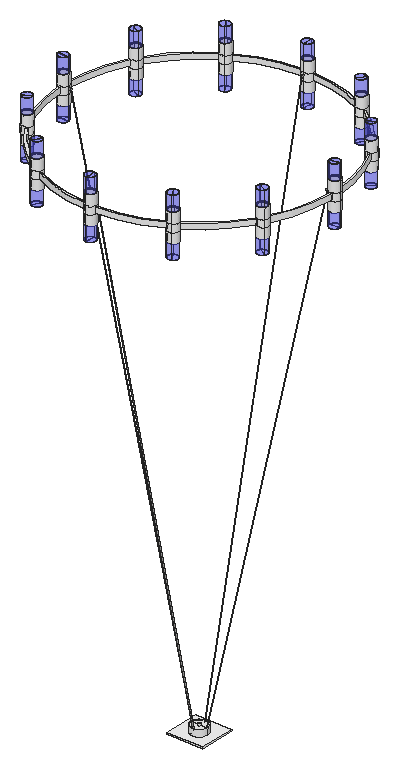
Revit family "BE_50882.1_de_DE", category Leuchten, Revit 2020 (continued)
Definition of nested family "BE_50882.1"
  Automatic sketch dimensions
    Revolve 18 sketch curve to Revolve 18 sketch curve = 104.779 mm
    Revolve 19 sketch curve to Revolve 19 sketch curve = 4.293 mm
    Revolve 19 sketch curve to Revolve 19 sketch curve = 81 mm
    Revolve 19 sketch curve to Revolve 19 sketch curve = 55.457 mm
    Revolve 19 sketch curve to Revolve 19 sketch curve = 2 mm
    Revolve 19 sketch curve to Revolve 19 sketch curve = 284.979 mm
    Revolve 20 sketch curve to Revolve 20 sketch curve = 0 mm
    Revolve 20 sketch curve to Revolve 20 sketch curve = 4.867 mm  (x2)
    Revolve 20 sketch curve to Revolve 20 sketch curve = 111 mm  (x2)
    Revolve 20 sketch curve to Revolve 20 sketch curve = 81 mm
    Revolve 20 sketch curve to Revolve 20 sketch curve = 54.633 mm
    Revolve 20 sketch curve to Revolve 20 sketch curve = 2 mm
    Revolve 20 sketch curve to Revolve 20 sketch curve = 171.979 mm
    Revolve 21 sketch curve to Revolve 21 sketch curve = 0 mm  (x17)
    Revolve 21 sketch curve to Revolve 21 sketch curve = 1 mm  (x4)
    Revolve 21 sketch curve to Revolve 21 sketch curve = 1.415 mm  (x2)
    Revolve 21 sketch curve to Revolve 21 sketch curve = 0.085 mm  (x2)
    Revolve 21 sketch curve to Revolve 21 sketch curve = 1.5 mm  (x2)
    Revolve 21 sketch curve to Revolve 21 sketch curve = 3.484 mm  (x2)
    Revolve 21 sketch curve to Revolve 21 sketch curve = 0.016 mm  (x2)
    Revolve 21 sketch curve to Revolve 21 sketch curve = 4.846 mm  (x2)
    Revolve 21 sketch curve to Revolve 21 sketch curve = 0.512 mm  (x2)
    Revolve 21 sketch curve to Revolve 21 sketch curve = 0.654 mm  (x2)
    Revolve 21 sketch curve to Revolve 21 sketch curve = 2.941 mm  (x2)
    Revolve 21 sketch curve to Revolve 21 sketch curve = 51 mm
    Revolve 21 sketch curve to Revolve 21 sketch curve = 51.654 mm
    Revolve 21 sketch curve to Revolve 21 sketch curve = 294.5 mm
    Revolve 21 sketch curve to Revolve 21 sketch curve = 1.133 mm
    Revolve 21 sketch curve to Revolve 21 sketch curve = 2.186 mm  (x2)
    Revolve 21 sketch curve to Revolve 21 sketch curve = 162.219 mm
    Revolve 21 sketch curve to Revolve 21 sketch curve = 2.372 mm  (x2)
    Revolve 21 sketch curve to Revolve 21 sketch curve = 4.188 mm
    Revolve 21 sketch curve to Revolve 21 sketch curve = 0.001 mm  (x2)
    Revolve 21 sketch curve to Revolve 21 sketch curve = 8.607 mm  (x2)
    Revolve 21 sketch curve to Revolve 21 sketch curve = 286.557 mm
    Revolve 21 sketch curve to Revolve 21 sketch curve = 0.318 mm
    Revolve 21 sketch curve to Revolve 21 sketch curve = 156.904 mm
    Revolve 21 sketch curve to Revolve 21 sketch curve = 3 mm
    Revolve 21 sketch curve to Revolve 21 sketch curve = 2.314 mm
    Revolve 21 sketch curve to Revolve 21 sketch curve = 0.052 mm  (x2)
    Revolve 21 sketch curve to Revolve 21 sketch curve = 0.157 mm  (x3)
    Revolve 21 sketch curve to Revolve 21 sketch curve = 2.996 mm  (x3)
    Revolve 21 sketch curve to Revolve 21 sketch curve = 48.546 mm
    Revolve 21 sketch curve to Revolve 21 sketch curve = 104.779 mm
    Revolve 21 sketch curve to Revolve 21 sketch curve = 7.5 mm
    Revolve 22 sketch curve to Revolve 22 sketch curve = 4.293 mm
    Revolve 22 sketch curve to Revolve 22 sketch curve = 81 mm
    Revolve 22 sketch curve to Revolve 22 sketch curve = 55.457 mm
    Revolve 22 sketch curve to Revolve 22 sketch curve = 2 mm
    Revolve 22 sketch curve to Revolve 22 sketch curve = 284.979 mm
    Revolve 23 sketch curve to Revolve 23 sketch curve = 0 mm
    Revolve 23 sketch curve to Revolve 23 sketch curve = 4.867 mm  (x2)
    Revolve 23 sketch curve to Revolve 23 sketch curve = 111 mm  (x2)
    Revolve 23 sketch curve to Revolve 23 sketch curve = 81 mm
    Revolve 23 sketch curve to Revolve 23 sketch curve = 54.633 mm
    Revolve 23 sketch curve to Revolve 23 sketch curve = 2 mm
    Revolve 23 sketch curve to Revolve 23 sketch curve = 171.979 mm
    Revolve 24 sketch curve to Revolve 24 sketch curve = 0 mm  (x17)
    Revolve 24 sketch curve to Revolve 24 sketch curve = 1 mm  (x4)
    Revolve 24 sketch curve to Revolve 24 sketch curve = 1.415 mm  (x2)
    Revolve 24 sketch curve to Revolve 24 sketch curve = 0.085 mm  (x2)
    Revolve 24 sketch curve to Revolve 24 sketch curve = 1.5 mm  (x2)
    Revolve 24 sketch curve to Revolve 24 sketch curve = 3.484 mm  (x2)
    Revolve 24 sketch curve to Revolve 24 sketch curve = 0.016 mm  (x2)
    Revolve 24 sketch curve to Revolve 24 sketch curve = 4.846 mm  (x2)
    Revolve 24 sketch curve to Revolve 24 sketch curve = 0.512 mm  (x2)
    Revolve 24 sketch curve to Revolve 24 sketch curve = 0.654 mm  (x2)
    Revolve 24 sketch curve to Revolve 24 sketch curve = 2.941 mm  (x2)
    Revolve 24 sketch curve to Revolve 24 sketch curve = 51 mm
    Revolve 24 sketch curve to Revolve 24 sketch curve = 51.654 mm
    Revolve 24 sketch curve to Revolve 24 sketch curve = 294.5 mm
    Revolve 24 sketch curve to Revolve 24 sketch curve = 1.133 mm
    Revolve 24 sketch curve to Revolve 24 sketch curve = 2.186 mm  (x2)
    Revolve 24 sketch curve to Revolve 24 sketch curve = 162.219 mm
    Revolve 24 sketch curve to Revolve 24 sketch curve = 2.372 mm  (x2)
    Revolve 24 sketch curve to Revolve 24 sketch curve = 4.188 mm
    Revolve 24 sketch curve to Revolve 24 sketch curve = 0.001 mm  (x2)
    Revolve 24 sketch curve to Revolve 24 sketch curve = 8.607 mm  (x2)
    Revolve 24 sketch curve to Revolve 24 sketch curve = 286.557 mm
    Revolve 24 sketch curve to Revolve 24 sketch curve = 0.318 mm
    Revolve 24 sketch curve to Revolve 24 sketch curve = 156.904 mm
    Revolve 24 sketch curve to Revolve 24 sketch curve = 3 mm
    Revolve 24 sketch curve to Revolve 24 sketch curve = 2.314 mm
    Revolve 24 sketch curve to Revolve 24 sketch curve = 0.052 mm  (x2)
    Revolve 24 sketch curve to Revolve 24 sketch curve = 0.157 mm  (x3)
    Revolve 24 sketch curve to Revolve 24 sketch curve = 2.996 mm  (x3)
    Revolve 24 sketch curve to Revolve 24 sketch curve = 48.546 mm
    Revolve 24 sketch curve to Revolve 24 sketch curve = 104.779 mm
    Revolve 24 sketch curve to Revolve 24 sketch curve = 7.5 mm
    Revolve 25 sketch curve to Revolve 25 sketch curve = 4.293 mm
    Revolve 25 sketch curve to Revolve 25 sketch curve = 81 mm
    Revolve 25 sketch curve to Revolve 25 sketch curve = 55.457 mm
    Revolve 25 sketch curve to Revolve 25 sketch curve = 282.979 mm
    Revolve 25 sketch curve to Revolve 25 sketch curve = 2 mm
    Revolve 26 sketch curve to Revolve 26 sketch curve = 0 mm
    Revolve 26 sketch curve to Revolve 26 sketch curve = 4.867 mm  (x2)
    Revolve 26 sketch curve to Revolve 26 sketch curve = 111 mm  (x2)
    Revolve 26 sketch curve to Revolve 26 sketch curve = 81 mm
    Revolve 26 sketch curve to Revolve 26 sketch curve = 54.633 mm
    Revolve 26 sketch curve to Revolve 26 sketch curve = 171.979 mm
    Revolve 26 sketch curve to Revolve 26 sketch curve = 2 mm
    Revolve 27 sketch curve to Revolve 27 sketch curve = 0 mm  (x19)
    Revolve 27 sketch curve to Revolve 27 sketch curve = 1 mm  (x4)
    Revolve 27 sketch curve to Revolve 27 sketch curve = 1.415 mm  (x2)
    Revolve 27 sketch curve to Revolve 27 sketch curve = 0.085 mm
    Revolve 27 sketch curve to Revolve 27 sketch curve = 1.5 mm  (x3)
    Revolve 27 sketch curve to Revolve 27 sketch curve = 3.484 mm  (x2)
    Revolve 27 sketch curve to Revolve 27 sketch curve = 0.016 mm  (x2)
    Revolve 27 sketch curve to Revolve 27 sketch curve = 4.846 mm  (x2)
    Revolve 27 sketch curve to Revolve 27 sketch curve = 0.512 mm  (x2)
    Revolve 27 sketch curve to Revolve 27 sketch curve = 0.654 mm  (x2)
    Revolve 27 sketch curve to Revolve 27 sketch curve = 2.941 mm  (x2)
    Revolve 27 sketch curve to Revolve 27 sketch curve = 51 mm
    Revolve 27 sketch curve to Revolve 27 sketch curve = 51.654 mm
    Revolve 27 sketch curve to Revolve 27 sketch curve = 294.5 mm
    Revolve 27 sketch curve to Revolve 27 sketch curve = 2.186 mm  (x2)
    Revolve 27 sketch curve to Revolve 27 sketch curve = 2.372 mm  (x2)
    Revolve 27 sketch curve to Revolve 27 sketch curve = 0.001 mm  (x2)
    Revolve 27 sketch curve to Revolve 27 sketch curve = 7.367 mm
    Revolve 27 sketch curve to Revolve 27 sketch curve = 3 mm  (x2)
    Revolve 27 sketch curve to Revolve 27 sketch curve = 0.052 mm  (x2)
    Revolve 27 sketch curve to Revolve 27 sketch curve = 0.157 mm  (x3)
    Revolve 27 sketch curve to Revolve 27 sketch curve = 2.996 mm  (x3)
    Revolve 27 sketch curve to Revolve 27 sketch curve = 48.546 mm
    Revolve 27 sketch curve to Revolve 27 sketch curve = 7.5 mm
    Revolve 27 sketch curve to Revolve 27 sketch curve = 104.779 mm
    Revolve 28 sketch curve to Revolve 28 sketch curve = 4.293 mm
    Revolve 28 sketch curve to Revolve 28 sketch curve = 81 mm
    Revolve 28 sketch curve to Revolve 28 sketch curve = 55.457 mm
    Revolve 28 sketch curve to Revolve 28 sketch curve = 282.979 mm
    Revolve 28 sketch curve to Revolve 28 sketch curve = 2 mm
    Revolve 29 sketch curve to Revolve 29 sketch curve = 0 mm
    Revolve 29 sketch curve to Revolve 29 sketch curve = 4.867 mm  (x2)
    Revolve 29 sketch curve to Revolve 29 sketch curve = 111 mm  (x2)
    Revolve 29 sketch curve to Revolve 29 sketch curve = 81 mm
    Revolve 29 sketch curve to Revolve 29 sketch curve = 54.633 mm
    Revolve 29 sketch curve to Revolve 29 sketch curve = 171.979 mm
    Revolve 29 sketch curve to Revolve 29 sketch curve = 2 mm
    Revolve 30 sketch curve to Revolve 30 sketch curve = 0 mm  (x19)
    Revolve 30 sketch curve to Revolve 30 sketch curve = 1 mm  (x4)
    Revolve 30 sketch curve to Revolve 30 sketch curve = 1.415 mm  (x2)
    Revolve 30 sketch curve to Revolve 30 sketch curve = 0.085 mm
    Revolve 30 sketch curve to Revolve 30 sketch curve = 1.5 mm  (x3)
    Revolve 30 sketch curve to Revolve 30 sketch curve = 3.484 mm  (x2)
    Revolve 30 sketch curve to Revolve 30 sketch curve = 0.016 mm  (x2)
    Revolve 30 sketch curve to Revolve 30 sketch curve = 4.846 mm  (x2)
    Revolve 30 sketch curve to Revolve 30 sketch curve = 0.512 mm  (x2)
    Revolve 30 sketch curve to Revolve 30 sketch curve = 0.654 mm  (x2)
    Revolve 30 sketch curve to Revolve 30 sketch curve = 2.941 mm  (x2)
    Revolve 30 sketch curve to Revolve 30 sketch curve = 51 mm
    Revolve 30 sketch curve to Revolve 30 sketch curve = 51.654 mm
    Revolve 30 sketch curve to Revolve 30 sketch curve = 294.5 mm
    Revolve 30 sketch curve to Revolve 30 sketch curve = 2.186 mm  (x2)
    Revolve 30 sketch curve to Revolve 30 sketch curve = 2.372 mm  (x2)
    Revolve 30 sketch curve to Revolve 30 sketch curve = 0.001 mm  (x2)
    Revolve 30 sketch curve to Revolve 30 sketch curve = 7.367 mm
    Revolve 30 sketch curve to Revolve 30 sketch curve = 3 mm  (x2)
    Revolve 30 sketch curve to Revolve 30 sketch curve = 0.052 mm  (x2)
    Revolve 30 sketch curve to Revolve 30 sketch curve = 0.157 mm  (x3)
    Revolve 30 sketch curve to Revolve 30 sketch curve = 2.996 mm  (x3)
    Revolve 30 sketch curve to Revolve 30 sketch curve = 48.546 mm
    Revolve 30 sketch curve to Revolve 30 sketch curve = 7.5 mm
    Revolve 30 sketch curve to Revolve 30 sketch curve = 104.779 mm
    Revolve 31 sketch curve to Revolve 31 sketch curve = 4.293 mm
    Revolve 31 sketch curve to Revolve 31 sketch curve = 81 mm
    Revolve 31 sketch curve to Revolve 31 sketch curve = 55.457 mm
    Revolve 31 sketch curve to Revolve 31 sketch curve = 2 mm
    Revolve 31 sketch curve to Revolve 31 sketch curve = 284.979 mm
    Revolve 32 sketch curve to Revolve 32 sketch curve = 0 mm
    Revolve 32 sketch curve to Revolve 32 sketch curve = 4.867 mm  (x2)
    Revolve 32 sketch curve to Revolve 32 sketch curve = 111 mm  (x2)
    Revolve 32 sketch curve to Revolve 32 sketch curve = 81 mm
    Revolve 32 sketch curve to Revolve 32 sketch curve = 54.633 mm
    Revolve 32 sketch curve to Revolve 32 sketch curve = 2 mm
    Revolve 32 sketch curve to Revolve 32 sketch curve = 171.979 mm
    Revolve 33 sketch curve to Revolve 33 sketch curve = 0 mm  (x19)
    Revolve 33 sketch curve to Revolve 33 sketch curve = 1 mm  (x4)
    Revolve 33 sketch curve to Revolve 33 sketch curve = 1.415 mm  (x2)
    Revolve 33 sketch curve to Revolve 33 sketch curve = 0.085 mm  (x2)
    Revolve 33 sketch curve to Revolve 33 sketch curve = 1.5 mm  (x2)
    Revolve 33 sketch curve to Revolve 33 sketch curve = 3.484 mm  (x2)
    Revolve 33 sketch curve to Revolve 33 sketch curve = 0.016 mm  (x2)
    Revolve 33 sketch curve to Revolve 33 sketch curve = 4.846 mm  (x2)
    Revolve 33 sketch curve to Revolve 33 sketch curve = 0.512 mm  (x2)
    Revolve 33 sketch curve to Revolve 33 sketch curve = 0.654 mm  (x2)
    Revolve 33 sketch curve to Revolve 33 sketch curve = 2.941 mm  (x2)
    Revolve 33 sketch curve to Revolve 33 sketch curve = 51 mm
    Revolve 33 sketch curve to Revolve 33 sketch curve = 51.654 mm
    Revolve 33 sketch curve to Revolve 33 sketch curve = 294.5 mm
    Revolve 33 sketch curve to Revolve 33 sketch curve = 2.186 mm  (x2)
    Revolve 33 sketch curve to Revolve 33 sketch curve = 2.372 mm  (x2)
    Revolve 33 sketch curve to Revolve 33 sketch curve = 0.001 mm  (x2)
    Revolve 33 sketch curve to Revolve 33 sketch curve = 7.367 mm
    Revolve 33 sketch curve to Revolve 33 sketch curve = 3 mm  (x2)
    Revolve 33 sketch curve to Revolve 33 sketch curve = 0.052 mm  (x2)
    Revolve 33 sketch curve to Revolve 33 sketch curve = 0.157 mm  (x4)
    Revolve 33 sketch curve to Revolve 33 sketch curve = 2.996 mm  (x2)
    Revolve 33 sketch curve to Revolve 33 sketch curve = 48.546 mm
    Revolve 33 sketch curve to Revolve 33 sketch curve = 104.779 mm
    Revolve 33 sketch curve to Revolve 33 sketch curve = 7.5 mm
    Revolve 34 sketch curve to Revolve 34 sketch curve = 4.293 mm
    Revolve 34 sketch curve to Revolve 34 sketch curve = 81 mm
    Revolve 34 sketch curve to Revolve 34 sketch curve = 55.457 mm
    Revolve 34 sketch curve to Revolve 34 sketch curve = 2 mm
    Revolve 34 sketch curve to Revolve 34 sketch curve = 284.979 mm
    Revolve 35 sketch curve to Revolve 35 sketch curve = 0 mm
    Revolve 35 sketch curve to Revolve 35 sketch curve = 4.867 mm  (x2)
    Revolve 35 sketch curve to Revolve 35 sketch curve = 111 mm  (x2)
    Revolve 35 sketch curve to Revolve 35 sketch curve = 81 mm
    Revolve 35 sketch curve to Revolve 35 sketch curve = 54.633 mm
    Revolve 35 sketch curve to Revolve 35 sketch curve = 2 mm
    Revolve 35 sketch curve to Revolve 35 sketch curve = 171.979 mm
    Revolve 36 sketch curve to Revolve 36 sketch curve = 0 mm  (x17)
    Revolve 36 sketch curve to Revolve 36 sketch curve = 1 mm  (x4)
    Revolve 36 sketch curve to Revolve 36 sketch curve = 1.415 mm  (x2)
    Revolve 36 sketch curve to Revolve 36 sketch curve = 0.085 mm  (x2)
    Revolve 36 sketch curve to Revolve 36 sketch curve = 1.5 mm  (x2)
    Revolve 36 sketch curve to Revolve 36 sketch curve = 3.484 mm  (x2)
    Revolve 36 sketch curve to Revolve 36 sketch curve = 0.016 mm  (x2)
    Revolve 36 sketch curve to Revolve 36 sketch curve = 4.846 mm  (x2)
    Revolve 36 sketch curve to Revolve 36 sketch curve = 0.512 mm  (x2)
    Revolve 36 sketch curve to Revolve 36 sketch curve = 0.654 mm  (x2)
    Revolve 36 sketch curve to Revolve 36 sketch curve = 2.941 mm  (x2)
    Revolve 36 sketch curve to Revolve 36 sketch curve = 51 mm
    Revolve 36 sketch curve to Revolve 36 sketch curve = 51.654 mm
    Revolve 36 sketch curve to Revolve 36 sketch curve = 294.5 mm
    Revolve 36 sketch curve to Revolve 36 sketch curve = 1.133 mm
    Revolve 36 sketch curve to Revolve 36 sketch curve = 2.186 mm  (x2)
    Revolve 36 sketch curve to Revolve 36 sketch curve = 162.219 mm
    Revolve 36 sketch curve to Revolve 36 sketch curve = 2.372 mm  (x2)
    Revolve 36 sketch curve to Revolve 36 sketch curve = 4.188 mm
    Revolve 36 sketch curve to Revolve 36 sketch curve = 0.001 mm  (x2)
    Revolve 36 sketch curve to Revolve 36 sketch curve = 8.607 mm  (x2)
    Revolve 36 sketch curve to Revolve 36 sketch curve = 286.557 mm
    Revolve 36 sketch curve to Revolve 36 sketch curve = 0.318 mm
    Revolve 36 sketch curve to Revolve 36 sketch curve = 156.904 mm
    Revolve 36 sketch curve to Revolve 36 sketch curve = 3 mm
    Revolve 36 sketch curve to Revolve 36 sketch curve = 2.314 mm
    Revolve 36 sketch curve to Revolve 36 sketch curve = 0.052 mm  (x2)
    Revolve 36 sketch curve to Revolve 36 sketch curve = 0.157 mm  (x3)
    Revolve 36 sketch curve to Revolve 36 sketch curve = 2.996 mm  (x3)
    Revolve 36 sketch curve to Revolve 36 sketch curve = 48.546 mm
    Revolve 36 sketch curve to Revolve 36 sketch curve = 104.779 mm
    Revolve 36 sketch curve to Revolve 36 sketch curve = 7.5 mm
    Revolve 37 sketch curve to Revolve 37 sketch curve = 4.293 mm
    Revolve 37 sketch curve to Revolve 37 sketch curve = 81 mm
    Revolve 37 sketch curve to Revolve 37 sketch curve = 55.457 mm
    Revolve 37 sketch curve to Revolve 37 sketch curve = 2 mm
    Revolve 37 sketch curve to Revolve 37 sketch curve = 284.979 mm
    Revolve 38 sketch curve to Revolve 38 sketch curve = 0 mm
    Revolve 38 sketch curve to Revolve 38 sketch curve = 4.867 mm  (x2)
    Revolve 38 sketch curve to Revolve 38 sketch curve = 111 mm  (x2)
    Revolve 38 sketch curve to Revolve 38 sketch curve = 81 mm
    Revolve 38 sketch curve to Revolve 38 sketch curve = 54.633 mm
    Revolve 38 sketch curve to Revolve 38 sketch curve = 2 mm
    Revolve 38 sketch curve to Revolve 38 sketch curve = 171.979 mm
    Revolve 39 sketch curve to Revolve 39 sketch curve = 0 mm  (x19)
    Revolve 39 sketch curve to Revolve 39 sketch curve = 1 mm  (x4)
    Revolve 39 sketch curve to Revolve 39 sketch curve = 1.415 mm  (x2)
    Revolve 39 sketch curve to Revolve 39 sketch curve = 1.5 mm  (x3)
    Revolve 39 sketch curve to Revolve 39 sketch curve = 3.484 mm  (x2)
    Revolve 39 sketch curve to Revolve 39 sketch curve = 0.016 mm  (x2)
    Revolve 39 sketch curve to Revolve 39 sketch curve = 4.846 mm  (x2)
    Revolve 39 sketch curve to Revolve 39 sketch curve = 0.512 mm  (x2)
    Revolve 39 sketch curve to Revolve 39 sketch curve = 0.654 mm  (x2)
    Revolve 39 sketch curve to Revolve 39 sketch curve = 2.941 mm  (x2)
    Revolve 39 sketch curve to Revolve 39 sketch curve = 51 mm
    Revolve 39 sketch curve to Revolve 39 sketch curve = 51.654 mm
    Revolve 39 sketch curve to Revolve 39 sketch curve = 294.5 mm
    Revolve 39 sketch curve to Revolve 39 sketch curve = 2.186 mm  (x2)
    Revolve 39 sketch curve to Revolve 39 sketch curve = 2.372 mm  (x2)
    Revolve 39 sketch curve to Revolve 39 sketch curve = 0.001 mm  (x2)
    Revolve 39 sketch curve to Revolve 39 sketch curve = 7.367 mm
    Revolve 39 sketch curve to Revolve 39 sketch curve = 3 mm  (x2)
    Revolve 39 sketch curve to Revolve 39 sketch curve = 0.052 mm  (x2)
    Revolve 39 sketch curve to Revolve 39 sketch curve = 0.157 mm  (x4)
    Revolve 39 sketch curve to Revolve 39 sketch curve = 2.996 mm  (x2)
    Revolve 39 sketch curve to Revolve 39 sketch curve = 48.546 mm
    Revolve 39 sketch curve to Revolve 39 sketch curve = 104.779 mm
    Revolve 39 sketch curve to Revolve 39 sketch curve = 7.5 mm
    Revolve 40 sketch curve to Revolve 40 sketch curve = 4.293 mm
    Revolve 40 sketch curve to Revolve 40 sketch curve = 81 mm
    Revolve 40 sketch curve to Revolve 40 sketch curve = 55.457 mm
    Revolve 40 sketch curve to Revolve 40 sketch curve = 2 mm
    Revolve 40 sketch curve to Revolve 40 sketch curve = 284.979 mm
    Revolve 41 sketch curve to Revolve 41 sketch curve = 0 mm
    Revolve 41 sketch curve to Revolve 41 sketch curve = 4.867 mm  (x2)
    Revolve 41 sketch curve to Revolve 41 sketch curve = 111 mm  (x2)
    Revolve 41 sketch curve to Revolve 41 sketch curve = 81 mm
    Revolve 41 sketch curve to Revolve 41 sketch curve = 54.633 mm
    Revolve 41 sketch curve to Revolve 41 sketch curve = 2 mm
    Revolve 41 sketch curve to Revolve 41 sketch curve = 171.979 mm
    Revolve 42 sketch curve to Revolve 42 sketch curve = 0 mm  (x19)
    Revolve 42 sketch curve to Revolve 42 sketch curve = 1 mm  (x4)
    Revolve 42 sketch curve to Revolve 42 sketch curve = 1.415 mm  (x2)
    Revolve 42 sketch curve to Revolve 42 sketch curve = 1.5 mm  (x3)
    Revolve 42 sketch curve to Revolve 42 sketch curve = 3.484 mm  (x2)
    Revolve 42 sketch curve to Revolve 42 sketch curve = 0.016 mm  (x2)
    Revolve 42 sketch curve to Revolve 42 sketch curve = 4.846 mm  (x2)
    Revolve 42 sketch curve to Revolve 42 sketch curve = 0.512 mm  (x2)
    Revolve 42 sketch curve to Revolve 42 sketch curve = 0.654 mm  (x2)
    Revolve 42 sketch curve to Revolve 42 sketch curve = 2.941 mm  (x2)
    Revolve 42 sketch curve to Revolve 42 sketch curve = 51 mm
    Revolve 42 sketch curve to Revolve 42 sketch curve = 51.654 mm
    Revolve 42 sketch curve to Revolve 42 sketch curve = 294.5 mm
    Revolve 42 sketch curve to Revolve 42 sketch curve = 2.186 mm  (x2)
    Revolve 42 sketch curve to Revolve 42 sketch curve = 2.372 mm  (x2)
    Revolve 42 sketch curve to Revolve 42 sketch curve = 0.001 mm  (x2)
    Revolve 42 sketch curve to Revolve 42 sketch curve = 7.367 mm
    Revolve 42 sketch curve to Revolve 42 sketch curve = 3 mm  (x2)
    Revolve 42 sketch curve to Revolve 42 sketch curve = 0.052 mm  (x2)
    Revolve 42 sketch curve to Revolve 42 sketch curve = 0.157 mm  (x4)
    Revolve 42 sketch curve to Revolve 42 sketch curve = 2.996 mm  (x2)
    Revolve 42 sketch curve to Revolve 42 sketch curve = 48.546 mm
    Revolve 42 sketch curve to Revolve 42 sketch curve = 104.779 mm
    Revolve 42 sketch curve to Revolve 42 sketch curve = 7.5 mm
    Revolve 43 sketch curve to Revolve 43 sketch curve = 4.293 mm
    Revolve 43 sketch curve to Revolve 43 sketch curve = 81 mm
    Revolve 43 sketch curve to Revolve 43 sketch curve = 55.457 mm
    Revolve 43 sketch curve to Revolve 43 sketch curve = 282.979 mm
    Revolve 43 sketch curve to Revolve 43 sketch curve = 2 mm
    Revolve 44 sketch curve to Revolve 44 sketch curve = 0 mm
    Revolve 44 sketch curve to Revolve 44 sketch curve = 4.867 mm  (x2)
    Revolve 44 sketch curve to Revolve 44 sketch curve = 111 mm  (x2)
    Revolve 44 sketch curve to Revolve 44 sketch curve = 81 mm
    Revolve 44 sketch curve to Revolve 44 sketch curve = 54.633 mm
    Revolve 44 sketch curve to Revolve 44 sketch curve = 171.979 mm
    Revolve 44 sketch curve to Revolve 44 sketch curve = 2 mm
    Revolve 45 sketch curve to Revolve 45 sketch curve = 0 mm  (x19)
    Revolve 45 sketch curve to Revolve 45 sketch curve = 1 mm  (x4)
    Revolve 45 sketch curve to Revolve 45 sketch curve = 1.415 mm  (x2)
    Revolve 45 sketch curve to Revolve 45 sketch curve = 0.085 mm  (x2)
    Revolve 45 sketch curve to Revolve 45 sketch curve = 1.5 mm  (x2)
    Revolve 45 sketch curve to Revolve 45 sketch curve = 3.484 mm  (x2)
    Revolve 45 sketch curve to Revolve 45 sketch curve = 0.016 mm  (x2)
    Revolve 45 sketch curve to Revolve 45 sketch curve = 4.846 mm  (x2)
    Revolve 45 sketch curve to Revolve 45 sketch curve = 0.512 mm  (x2)
    Revolve 45 sketch curve to Revolve 45 sketch curve = 0.654 mm  (x2)
    Revolve 45 sketch curve to Revolve 45 sketch curve = 2.941 mm  (x2)
    Revolve 45 sketch curve to Revolve 45 sketch curve = 51 mm
    Revolve 45 sketch curve to Revolve 45 sketch curve = 51.654 mm
    Revolve 45 sketch curve to Revolve 45 sketch curve = 294.5 mm
    Revolve 45 sketch curve to Revolve 45 sketch curve = 2.186 mm  (x2)
    Revolve 45 sketch curve to Revolve 45 sketch curve = 2.372 mm  (x2)
    Revolve 45 sketch curve to Revolve 45 sketch curve = 0.001 mm  (x2)
    Revolve 45 sketch curve to Revolve 45 sketch curve = 7.367 mm
    Revolve 45 sketch curve to Revolve 45 sketch curve = 3 mm  (x2)
    Revolve 45 sketch curve to Revolve 45 sketch curve = 0.052 mm  (x2)
    Revolve 45 sketch curve to Revolve 45 sketch curve = 0.157 mm  (x3)
    Revolve 45 sketch curve to Revolve 45 sketch curve = 2.996 mm  (x3)
    Revolve 45 sketch curve to Revolve 45 sketch curve = 48.546 mm
    Revolve 45 sketch curve to Revolve 45 sketch curve = 7.5 mm
    Revolve 45 sketch curve to Revolve 45 sketch curve = 104.779 mm
    Revolve 46 sketch curve to Revolve 46 sketch curve = 4.293 mm
    Revolve 46 sketch curve to Revolve 46 sketch curve = 81 mm
    Revolve 46 sketch curve to Revolve 46 sketch curve = 55.457 mm
    Revolve 46 sketch curve to Revolve 46 sketch curve = 282.979 mm
    Revolve 46 sketch curve to Revolve 46 sketch curve = 2 mm
    Revolve 47 sketch curve to Revolve 47 sketch curve = 0 mm
    Revolve 47 sketch curve to Revolve 47 sketch curve = 4.867 mm  (x2)
    Revolve 47 sketch curve to Revolve 47 sketch curve = 111 mm  (x2)
    Revolve 47 sketch curve to Revolve 47 sketch curve = 81 mm
    Revolve 47 sketch curve to Revolve 47 sketch curve = 54.633 mm
    Revolve 47 sketch curve to Revolve 47 sketch curve = 171.979 mm
    Revolve 47 sketch curve to Revolve 47 sketch curve = 2 mm
    Revolve 48 sketch curve to Revolve 48 sketch curve = 0 mm  (x17)
    Revolve 48 sketch curve to Revolve 48 sketch curve = 1 mm  (x4)
    Revolve 48 sketch curve to Revolve 48 sketch curve = 1.415 mm  (x2)
    Revolve 48 sketch curve to Revolve 48 sketch curve = 0.085 mm  (x2)
    Revolve 48 sketch curve to Revolve 48 sketch curve = 1.5 mm  (x2)
    Revolve 48 sketch curve to Revolve 48 sketch curve = 3.484 mm  (x2)
    Revolve 48 sketch curve to Revolve 48 sketch curve = 0.016 mm  (x2)
    Revolve 48 sketch curve to Revolve 48 sketch curve = 4.846 mm  (x2)
    Revolve 48 sketch curve to Revolve 48 sketch curve = 0.512 mm  (x2)
    Revolve 48 sketch curve to Revolve 48 sketch curve = 0.654 mm  (x2)
    Revolve 48 sketch curve to Revolve 48 sketch curve = 2.941 mm  (x2)
    Revolve 48 sketch curve to Revolve 48 sketch curve = 51 mm
    Revolve 48 sketch curve to Revolve 48 sketch curve = 51.654 mm
    Revolve 48 sketch curve to Revolve 48 sketch curve = 294.5 mm
    Revolve 48 sketch curve to Revolve 48 sketch curve = 1.133 mm
    Revolve 48 sketch curve to Revolve 48 sketch curve = 2.186 mm  (x2)
    Revolve 48 sketch curve to Revolve 48 sketch curve = 162.219 mm
    Revolve 48 sketch curve to Revolve 48 sketch curve = 2.372 mm  (x2)
    Revolve 48 sketch curve to Revolve 48 sketch curve = 4.188 mm
    Revolve 48 sketch curve to Revolve 48 sketch curve = 0.001 mm  (x2)
    Revolve 48 sketch curve to Revolve 48 sketch curve = 8.607 mm  (x2)
    Revolve 48 sketch curve to Revolve 48 sketch curve = 286.557 mm
    Revolve 48 sketch curve to Revolve 48 sketch curve = 0.318 mm
    Revolve 48 sketch curve to Revolve 48 sketch curve = 156.904 mm
    Revolve 48 sketch curve to Revolve 48 sketch curve = 3 mm
    Revolve 48 sketch curve to Revolve 48 sketch curve = 2.314 mm
    Revolve 48 sketch curve to Revolve 48 sketch curve = 0.052 mm  (x2)
    Revolve 48 sketch curve to Revolve 48 sketch curve = 0.157 mm  (x3)
    Revolve 48 sketch curve to Revolve 48 sketch curve = 2.996 mm  (x3)
    Revolve 48 sketch curve to Revolve 48 sketch curve = 48.546 mm
    Revolve 48 sketch curve to Revolve 48 sketch curve = 7.5 mm
    Revolve 48 sketch curve to Revolve 48 sketch curve = 104.779 mm
    Revolve 7 sketch curve to plane 3 "Mitte (Links/Rechts)" = 1406.676 mm
    Revolve 10 sketch curve to plane 3 "Mitte (Links/Rechts)" = 1430.25 mm
    Revolve 19 sketch curve to plane 3 "Mitte (Links/Rechts)" = 1550 mm
    Revolve 20 sketch curve to plane 3 "Mitte (Links/Rechts)" = 1549.75 mm
    Revolve 21 sketch curve to plane 3 "Mitte (Links/Rechts)" = 1549.75 mm
    Revolve 4 sketch curve to plane 3 "Mitte (Links/Rechts)" = 1406.676 mm
    Revolve 8 sketch curve to plane 3 "Mitte (Links/Rechts)" = 1430.25 mm
    Revolve 12 sketch curve to plane 3 "Mitte (Links/Rechts)" = 1479.924 mm
    Revolve 34 sketch curve to plane 3 "Mitte (Links/Rechts)" = 1549.75 mm
    Revolve 35 sketch curve to plane 3 "Mitte (Links/Rechts)" = 1549.5 mm
    Revolve 36 sketch curve to plane 3 "Mitte (Links/Rechts)" = 1549.5 mm
    Revolve 2 sketch curve to Revolve 2 sketch curve = 2544.058 mm
    Revolve 3 sketch curve to Revolve 3 sketch curve = 2533.808 mm
    level to Revolve 5 sketch curve = 5823.533 mm
    level to Revolve 8 sketch curve = 5817.2 mm
    level to Revolve 9 sketch curve = 5824.85 mm
    Revolve 10 sketch curve to level = 5817.2 mm
    level to Revolve 11 sketch curve = 5817.2 mm
    level to Revolve 12 sketch curve = 5774.2 mm
    level to Revolve 13 sketch curve = 5845.2 mm
    level to Revolve 14 sketch curve = 5956.2 mm
    level to Revolve 15 sketch curve = 5958.402 mm
    Revolve 15 sketch curve to Revolve 15 sketch curve = 3.189 mm
    Revolve 15 sketch curve to Revolve 15 sketch curve = 8.607 mm  (x2)
    Revolve 15 sketch curve to Revolve 15 sketch curve = 181.779 mm
    Revolve 15 sketch curve to Revolve 15 sketch curve = 0.318 mm
    Revolve 15 sketch curve to Revolve 15 sketch curve = 156.904 mm  (x2)
    level to Revolve 16 sketch curve = 5845.2 mm
    level to Revolve 17 sketch curve = 5956.2 mm
    level to Revolve 18 sketch curve = 5958.402 mm
    Revolve 18 sketch curve to Revolve 18 sketch curve = 156.904 mm  (x2)
    Revolve 18 sketch curve to Revolve 18 sketch curve = 3.189 mm
    Revolve 18 sketch curve to Revolve 18 sketch curve = 8.607 mm  (x2)
    Revolve 18 sketch curve to Revolve 18 sketch curve = 181.779 mm
    Revolve 18 sketch curve to Revolve 18 sketch curve = 0.318 mm
    Revolve 19 sketch curve to level = 5764.2 mm
    Revolve 20 sketch curve to level = 5653.2 mm
    Revolve 21 sketch curve to level = 5188.721 mm
    level to Revolve 22 sketch curve = 5764.2 mm
    level to Revolve 23 sketch curve = 5653.2 mm
    level to Revolve 24 sketch curve = 5188.721 mm
    level to Revolve 25 sketch curve = 5845.2 mm
    level to Revolve 26 sketch curve = 5956.2 mm
    level to Revolve 27 sketch curve = 5958.402 mm
    Revolve 27 sketch curve to Revolve 27 sketch curve = 156.904 mm  (x2)
    Revolve 27 sketch curve to Revolve 27 sketch curve = 3.189 mm
    Revolve 27 sketch curve to Revolve 27 sketch curve = 8.607 mm  (x2)
    Revolve 27 sketch curve to Revolve 27 sketch curve = 181.779 mm
    Revolve 27 sketch curve to Revolve 27 sketch curve = 0.318 mm
    level to Revolve 28 sketch curve = 5845.2 mm
    level to Revolve 29 sketch curve = 5956.2 mm
    level to Revolve 30 sketch curve = 5958.402 mm
    Revolve 30 sketch curve to Revolve 30 sketch curve = 156.904 mm  (x2)
    Revolve 30 sketch curve to Revolve 30 sketch curve = 3.189 mm
    Revolve 30 sketch curve to Revolve 30 sketch curve = 8.607 mm  (x2)
    Revolve 30 sketch curve to Revolve 30 sketch curve = 181.779 mm
    Revolve 30 sketch curve to Revolve 30 sketch curve = 0.318 mm
    level to Revolve 31 sketch curve = 5845.2 mm
    level to Revolve 32 sketch curve = 5956.2 mm
    level to Revolve 33 sketch curve = 5958.402 mm
    Revolve 33 sketch curve to Revolve 33 sketch curve = 3.189 mm
    Revolve 33 sketch curve to Revolve 33 sketch curve = 8.607 mm  (x2)
    Revolve 33 sketch curve to Revolve 33 sketch curve = 181.779 mm
    Revolve 33 sketch curve to Revolve 33 sketch curve = 0.318 mm
    Revolve 33 sketch curve to Revolve 33 sketch curve = 156.904 mm  (x2)
    level to Revolve 34 sketch curve = 5764.2 mm
    level to Revolve 35 sketch curve = 5653.2 mm
    level to Revolve 36 sketch curve = 5188.721 mm
    level to Revolve 37 sketch curve = 5845.2 mm
    level to Revolve 38 sketch curve = 5956.2 mm
    level to Revolve 39 sketch curve = 5958.402 mm
    Revolve 39 sketch curve to Revolve 39 sketch curve = 0.085 mm
    Revolve 39 sketch curve to Revolve 39 sketch curve = 3.189 mm
    Revolve 39 sketch curve to Revolve 39 sketch curve = 8.607 mm  (x2)
    Revolve 39 sketch curve to Revolve 39 sketch curve = 181.779 mm
    Revolve 39 sketch curve to Revolve 39 sketch curve = 0.318 mm
    Revolve 39 sketch curve to Revolve 39 sketch curve = 156.904 mm  (x2)
    level to Revolve 40 sketch curve = 5845.2 mm
    level to Revolve 41 sketch curve = 5956.2 mm
    level to Revolve 42 sketch curve = 5958.402 mm
    Revolve 42 sketch curve to Revolve 42 sketch curve = 0.085 mm
    Revolve 42 sketch curve to Revolve 42 sketch curve = 3.189 mm
    Revolve 42 sketch curve to Revolve 42 sketch curve = 8.607 mm  (x2)
    Revolve 42 sketch curve to Revolve 42 sketch curve = 181.779 mm
    Revolve 42 sketch curve to Revolve 42 sketch curve = 0.318 mm
    Revolve 42 sketch curve to Revolve 42 sketch curve = 156.904 mm  (x2)
    level to Revolve 43 sketch curve = 5845.2 mm
    level to Revolve 44 sketch curve = 5956.2 mm
    level to Revolve 45 sketch curve = 5958.402 mm
    Revolve 45 sketch curve to Revolve 45 sketch curve = 156.904 mm  (x2)
    Revolve 45 sketch curve to Revolve 45 sketch curve = 3.189 mm
    Revolve 45 sketch curve to Revolve 45 sketch curve = 8.607 mm  (x2)
    Revolve 45 sketch curve to Revolve 45 sketch curve = 181.779 mm
    Revolve 45 sketch curve to Revolve 45 sketch curve = 0.318 mm
    level to Revolve 46 sketch curve = 5845.2 mm
    level to Revolve 47 sketch curve = 5956.2 mm
    level to Revolve 48 sketch curve = 6420.679 mm
    Revolve 6 sketch curve to plane 5 = 302.646 mm
    plane 1 "Mitte (Oben/Unten)" to Revolve 11 sketch curve = 1430.25 mm
    plane 1 "Mitte (Oben/Unten)" to Revolve 46 sketch curve = 1549.75 mm
    plane 1 "Mitte (Oben/Unten)" to Revolve 47 sketch curve = 1549.5 mm
    plane 1 "Mitte (Oben/Unten)" to Revolve 48 sketch curve = 1549.5 mm
    Revolve 5 sketch curve to plane 1 "Mitte (Oben/Unten)" = 1406.676 mm
    Revolve 9 sketch curve to plane 1 "Mitte (Oben/Unten)" = 1430.25 mm
    Revolve 22 sketch curve to plane 1 "Mitte (Oben/Unten)" = 1549.75 mm
    Revolve 23 sketch curve to plane 1 "Mitte (Oben/Unten)" = 1549.5 mm
    Revolve 24 sketch curve to plane 1 "Mitte (Oben/Unten)" = 1549.5 mm
Types (2, lengths in mm): name | built-in parameter 1150104 | built-in parameter 1150134 | Modell | built-in parameter 1150105 | Lumens | Leuchtenlichtstrom | Lampenlichtstrom | LED_Modulbezeichnung | Farbtemperatur | Datei für fotometrisches Netz | Bestellnummer | built-in parameter 1150106 | built-in parameter 1150107
  BEGA_50882.1_K4 | 7.3115 (stored number, unit not read) | 12 | "50882.1K4" | 2435 (stored number, unit not read) | 30598.6 lm | "19380 lm" | "30600 lm" | "24x LED-0800/970" | "4000 K" | "BE_50882.1K4.IES" | "50882.1K4" | 24.35 (stored number, unit not read) | 4000 (stored number, unit not read)
  BEGA_50882.1_K3 | 7.2 (stored number, unit not read) | (empty or 0) | "50882.1K3" | 2397.8 (stored number, unit not read) | 30132 lm | "19080 lm" | "30120 lm" | "24x LED-0800/930" | "3000 K" | "BE_50882.1K3.IES" | "50882.1K3" | 23.978 (stored number, unit not read) | 3000 (stored number, unit not read)
